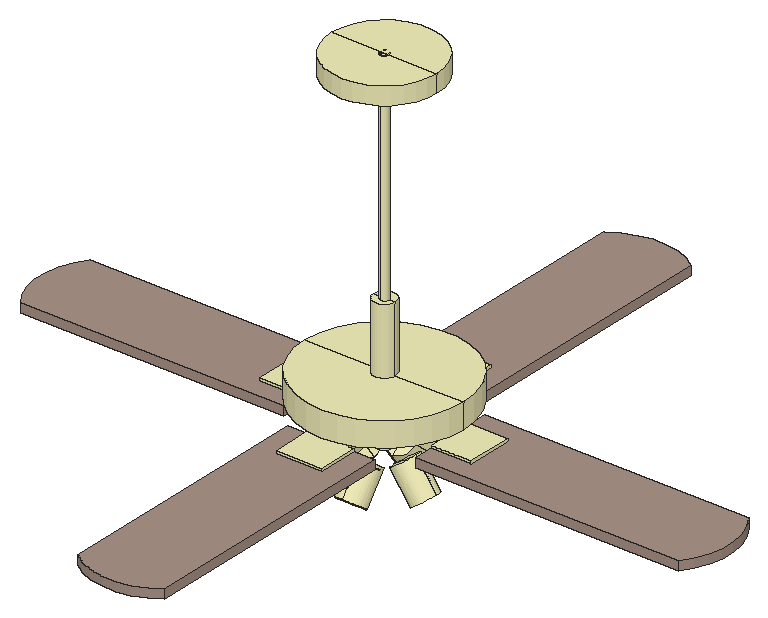
Revit family
Parameters (values of type "100 watt Incandescant")
  Wattage = 12.1178 W
  built-in parameter 1150110 = 1 (stored number, unit not read)
  built-in parameter 1114217 = 1 (stored number, unit not read)
  built-in parameter 1150109 = 1 (stored number, unit not read)
  built-in parameter 1150134 = 3
  built-in parameter 1150113 = 1 (stored number, unit not read)
  built-in parameter 1150105 = 143.24 (stored number, unit not read)
  built-in parameter 1150115 = 1 (stored number, unit not read)
  Light Source Symbol Size = 609.6 mm
  built-in parameter 1150137 = (empty or 0)
  built-in parameter 1150139 = (empty or 0)
  built-in parameter 1150112 = 1 (stored number, unit not read)
  built-in parameter 1150114 = 1 (stored number, unit not read)
  Keynote = "V"
  built-in parameter 1150132 = 2
  built-in parameter 1150102 = (empty or 0)
  built-in parameter 1150107 = 3200 (stored number, unit not read)
  built-in parameter 1150138 = (empty or 0)
  built-in parameter 1150106 = 1.4324 (stored number, unit not read)
  built-in parameter 1150104 = 13.8 (stored number, unit not read)
  Dimming Lamp Color Temperature Shift = (empty or 0)
  Color Filter = 16777215
  built-in parameter 1114218 = 1 (stored number, unit not read)
  built-in parameter 1150133 = 10 (stored number, unit not read)
  Assembly Code = "D5020220"
  Material Ceiling Mount = Metal - Brass
  Drop From Ceiling = 600 mm
  Material Fitting = Metal - Brass
  Material Glass = Glass - Frosted
  Lumens = 1800 lm
  Material Paddles = Wood - Walnut
  Type Comments = ""
  Wattage Comments = "100"
Types (3, lengths in mm): name | Wattage | built-in parameter 1150105 | built-in parameter 1150106 | Material Ceiling Mount | Drop From Ceiling | Material Fitting | Lumens | Wattage Comments
  (no name) | 12.1178 W | 143.24 (stored number, unit not read) | 1.4324 (stored number, unit not read) | Metal - Brass | 600 | Metal - Brass | 1800 lm | "100"
  100 watt Incandescant | 12.1178 W | 143.24 (stored number, unit not read) | 1.4324 (stored number, unit not read) | Metal - Brass | 600 | Metal - Brass | 1800 lm | "100"
  150 watt Incandescant | 18.1767 W | 214.86 (stored number, unit not read) | 2.1486 (stored number, unit not read) | Metal - Chrome | 450 | Metal - Chrome | 2700 lm | "150"
Reference planes
  plane 1 "Light Axis": y = 0
  plane 2 "Ceiling": z = 2438.4
  plane 3 "Light Axis": x = 0
  plane 4 "Bottom": z = 1838.4
  plane 5: z = 1974.925
  plane 6: z = 1962.225
  plane 7: z = 1978.1
  plane 8: z = 1959.05
  plane 9 "Light Source Elevation": z = 1533.6
  plane 10: through (0, 893.158, 648.917) normal (0, -0.809, -0.5878)
Forms (mm)
  Revolve 1, solid, material "Metal - Brass" <- "Material Ceiling Mount"
    sketch origin (0, 0, 0) x (1, 0, 0) y (0, 0, 1)
      loop
        line (0, 2438.4) -> (-76.2, 2438.4) -> (-76.2, 2413) -> (0, 2377.467) -> (0, 2438.4)
      axis (0, 2438.4) -> (0, 2377.467)
    angle from 0 to 360
  Extrusion 2, solid, material "Metal - Brass" <- "Material Ceiling Mount"
    sketch origin (0, 0, 1838.4) x (0, -1, 0) y (1, 0, 0)
      loop
        circle (0, 0) r 6.35
    from 123.825 to 600
  Extrusion 3, solid, material "Wood - Walnut" <- "Material Paddles"
    sketch origin (0, 0, 1841.5) x (0, 1, 0) y (1, 0, 0)
      loop
        line (95.325, -63.069) -> (476.25, -63.069)
        arc (476.25, -63.069) -> (498.195, 0) -> (476.25, 63.069) r 101.6
        line (476.25, 63.069) -> (95.325, 63.069) -> (95.325, -63.069)
    from -120.725 to -133.425
  Extrusion 4, solid, material "Wood - Walnut" <- "Material Paddles"
    sketch origin (0, 0, 1841.5) x (-1, 0, 0) y (0, 1, 0)
      loop
        line (95.325, -63.069) -> (476.25, -63.069)
        arc (476.25, -63.069) -> (498.195, 0) -> (476.25, 63.069) r 101.6
        line (476.25, 63.069) -> (95.325, 63.069) -> (95.325, -63.069)
    from -120.725 to -133.425
  Extrusion 5, solid, material "Wood - Walnut" <- "Material Paddles"
    sketch origin (0, 0, 1841.5) x (0, -1, 0) y (-1, 0, 0)
      loop
        line (95.325, -63.069) -> (476.25, -63.069)
        arc (476.25, -63.069) -> (498.195, 0) -> (476.25, 63.069) r 101.6
        line (476.25, 63.069) -> (95.325, 63.069) -> (95.325, -63.069)
    from -120.725 to -133.425
  Extrusion 6, solid, material "Wood - Walnut" <- "Material Paddles"
    sketch origin (0, 0, 1841.5) x (1, 0, 0) y (0, -1, 0)
      loop
        line (95.325, -63.069) -> (476.25, -63.069)
        arc (476.25, -63.069) -> (498.195, 0) -> (476.25, 63.069) r 101.6
        line (476.25, 63.069) -> (95.325, 63.069) -> (95.325, -63.069)
    from -120.725 to -133.425
  Revolve 7, solid, material "Metal - Brass" <- "Material Ceiling Mount"
    sketch origin (0, 0, 0) x (0, 0, -1) y (1, 0, 0)
      loop
        line (-2120.975, 0) -> (-2120.975, -15.875) -> (-2025.916, -15.875) -> (-2025.916, -114.573) -> (-1990.205, -114.573) -> (-1984.711, -57.287) -> (-1984.711, 0) -> (-2120.975, 0)
      axis (-2120.975, 0) -> (-1984.711, 0)
    angle from 0 to 360
  Extrusion 8, solid, material "Metal - Brass" <- "Material Ceiling Mount"
    sketch origin (0, 0, 1838.4) x (0, -1, 0) y (1, 0, 0)
      loop
        line (-95.325, -33.786) -> (-95.325, -24.131) -> (-6.642, -4.663)
        arc (-6.642, -4.663) -> (-7.704, -0.077) -> (-6.654, 4.513) r 10.494
        line (-6.654, 4.513) -> (-95.325, 25.4) -> (-95.325, 31.579) -> (-152.869, 31.579) -> (-152.869, -33.786) -> (-95.325, -33.786)
      loop
        line (95.325, -33.786) -> (152.869, -33.786) -> (152.869, 31.579) -> (95.325, 31.579) -> (95.325, 25.4) -> (6.684, 4.451)
        arc (6.684, 4.451) -> (7.704, 0) -> (6.737, -4.463) r 10.494
        line (6.737, -4.463) -> (95.325, -24.131) -> (95.325, -33.786)
      loop
        line (33.786, 95.325) -> (33.786, 152.869) -> (-31.579, 152.869) -> (-31.579, 95.325) -> (-25.4, 95.325) -> (-4.451, 6.684)
        arc (-4.451, 6.684) -> (0, 7.704) -> (4.463, 6.737) r 10.494
        line (4.463, 6.737) -> (24.131, 95.325) -> (33.786, 95.325)
      loop
        line (33.786, -95.325) -> (24.131, -95.325) -> (4.663, -6.642)
        arc (4.663, -6.642) -> (0.077, -7.704) -> (-4.513, -6.654) r 10.494
        line (-4.513, -6.654) -> (-25.4, -95.325) -> (-31.579, -95.325) -> (-31.579, -152.869) -> (33.786, -152.869) -> (33.786, -95.325)
    from 120.65 to 139.7
  Extrusion 9, solid, material "Metal - Brass" <- "Material Ceiling Mount"
    sketch origin (0, 0, 1838.4) x (0, -1, 0) y (1, 0, 0)
      loop
        circle (0, 0) r 11.148
    from 91.612 to 120.65
  Revolve 10, solid, material "Metal - Brass" <- "Material Ceiling Mount"
    sketch origin (0, 0, 88.9) x (0, 0, -1) y (1, 0, 0)
      loop
        line (-1833.034, -30.28) -> (-1844.523, -46.093) -> (-1803.425, -75.953) -> (-1801.559, -73.384) -> (-1839.654, -45.707) -> (-1830.03, -32.461) -> (-1833.034, -30.28)
      axis (-1833.034, -30.28) -> (-1791.935, -60.139)
    angle from 0 to 360
  Revolve 11, solid, material "Metal - Brass" <- "Material Ceiling Mount"
    sketch origin (0, 0, 88.9) x (0, 0, -1) y (1, 0, 0)
      loop
        line (-1833.034, 30.28) -> (-1830.03, 32.461) -> (-1839.654, 45.707) -> (-1801.559, 73.384) -> (-1803.425, 75.953) -> (-1844.523, 46.093) -> (-1833.034, 30.28)
      axis (-1833.034, 30.28) -> (-1791.935, 60.139)
    angle from 0 to 360
  Revolve 12, solid, material "Metal - Brass" <- "Material Ceiling Mount"
    sketch origin (0, 0, 88.9) x (0, 0, -1) y (0, 1, 0)
      loop
        line (-1833.034, -30.28) -> (-1844.523, -46.093) -> (-1803.425, -75.953) -> (-1801.559, -73.384) -> (-1839.654, -45.707) -> (-1830.03, -32.461) -> (-1833.034, -30.28)
      axis (-1833.034, -30.28) -> (-1791.935, -60.139)
    angle from 0 to 360
  Revolve 13, solid, material "Metal - Brass" <- "Material Ceiling Mount"
    sketch origin (0, 0, 88.9) x (0, 0, -1) y (0, 1, 0)
      loop
        line (-1833.034, 30.28) -> (-1830.03, 32.461) -> (-1839.654, 45.707) -> (-1801.559, 73.384) -> (-1803.425, 75.953) -> (-1844.523, 46.093) -> (-1833.034, 30.28)
      axis (-1833.034, 30.28) -> (-1791.935, 60.139)
    angle from 0 to 360
Lines and regions (mm)
  sketch lines
    curve 1: line (-1524, 1524, 0) -> (1524, 1524, 0)
    curve 2: line (-1524, 1524, 0) -> (-1524, -1524, 0)
    curve 3: line (-1524, -1524, 0) -> (1524, -1524, 0)
    curve 4: line (1524, 1524, 0) -> (1524, -1524, 0)
Dimensions and locks
  equal spacing: curve 2, plane 3 "Light Axis", curve 4
  equal spacing: curve 3, plane 1 "Light Axis", curve 1
  curve 2 to curve 4 = 3048 mm
  curve 3 to curve 1 = 3048 mm
  locked: plane 5 to plane 6 at 12.7
  locked: plane 7 to plane 5 at 3.175
  locked: plane 6 to plane 8 at 3.175
  "Drop From Ceiling": plane 2 "Ceiling" to plane 4 "Bottom"
  locked: plane 4 "Bottom" to plane 9 "Light Source Elevation" at 304.8
  locked: plane 6 to plane 4 "Bottom" at 123.825
  aligned and locked: plane 2 "Ceiling" to Extrusion 2
  aligned and locked: Extrusion 3 to plane 6
  aligned and locked: plane 5 to Extrusion 3
  aligned and locked: Extrusion 6 to plane 6
  aligned and locked: plane 5 to Extrusion 6
  aligned and locked: Extrusion 4 to plane 6
  aligned and locked: plane 5 to Extrusion 4
  aligned and locked: Extrusion 5 to plane 6
  aligned and locked: plane 5 to Extrusion 5
  aligned and locked: Extrusion 5 to Extrusion 2
  aligned and locked: Extrusion 5 to Extrusion 3
  aligned and locked: plane 8 to Extrusion 8
  aligned and locked: Extrusion 8 to plane 7
  aligned and locked: Extrusion 9 to Extrusion 8
  aligned and locked: plane 2 "Ceiling" to host ceiling
  aligned and locked: plane 3 "Light Axis" to imposter light
  aligned and locked: plane 1 "Light Axis" to imposter light
  aligned and locked: plane 9 "Light Source Elevation" to imposter light
Automatic sketch dimensions
  Revolve 1 sketch curve to plane 2 "Ceiling" = 0 mm
  Revolve 1 sketch curve to plane 3 "Light Axis" = 0 mm  (x2)
  Revolve 1 sketch curve to plane 2 "Ceiling" = 25.4 mm
  Revolve 1 sketch curve to plane 3 "Light Axis" = 76.2 mm
  Revolve 1 sketch curve to plane 2 "Ceiling" = 60.933 mm
  Revolve 1 sketch curve to Revolve 1 sketch curve = 66.067 mm
  plane 2 "Ceiling" to Revolve 1 sketch curve = 76.2 mm
  Extrusion 2 sketch curve to plane 3 "Light Axis" = 0 mm
  Extrusion 2 sketch curve to plane 1 "Light Axis" = 0 mm
  Extrusion 2 sketch curve to plane 1 "Light Axis" = 6.35 mm
  Revolve 7 sketch curve to plane 3 "Light Axis" = 0 mm  (x2)
  plane 5 to Revolve 7 sketch curve = 167.053 mm
  Revolve 7 sketch curve to Revolve 7 sketch curve = 21.003 mm
  plane 5 to Revolve 7 sketch curve = 50.991 mm
  plane 5 to Revolve 7 sketch curve = 15.28 mm
  plane 5 to Revolve 7 sketch curve = 9.786 mm
  plane 4 "Bottom" to Revolve 7 sketch curve = 33.15 mm
  Revolve 7 sketch curve to plane 3 "Light Axis" = 15.875 mm
  Revolve 7 sketch curve to plane 3 "Light Axis" = 57.287 mm
  Revolve 7 sketch curve to Revolve 7 sketch curve = 57.287 mm
  Extrusion 3 sketch curve to plane 3 "Light Axis" = 0 mm
  Extrusion 3 sketch curve to plane 1 "Light Axis" = 95.325 mm
  Extrusion 3 sketch curve to Extrusion 3 sketch curve = 301.271 mm
  plane 3 "Light Axis" to Extrusion 3 sketch curve = 63.069 mm
  Extrusion 3 sketch curve to Extrusion 3 sketch curve = 79.655 mm  (x2)
  Extrusion 6 sketch curve to plane 1 "Light Axis" = 0 mm
  plane 3 "Light Axis" to Extrusion 6 sketch curve = 95.325 mm
  Extrusion 6 sketch curve to Extrusion 6 sketch curve = 301.271 mm
  plane 1 "Light Axis" to Extrusion 6 sketch curve = 63.069 mm
  Extrusion 6 sketch curve to Extrusion 6 sketch curve = 79.655 mm
  Extrusion 6 sketch curve to plane 1 "Light Axis" = 63.069 mm
  Extrusion 5 sketch curve to plane 3 "Light Axis" = 0 mm
  plane 1 "Light Axis" to Extrusion 5 sketch curve = 95.325 mm
  Extrusion 5 sketch curve to Extrusion 5 sketch curve = 301.271 mm
  plane 3 "Light Axis" to Extrusion 5 sketch curve = 63.069 mm
  Extrusion 5 sketch curve to Extrusion 5 sketch curve = 79.655 mm  (x2)
  Extrusion 4 sketch curve to plane 1 "Light Axis" = 0 mm
  Extrusion 4 sketch curve to plane 3 "Light Axis" = 95.325 mm
  Extrusion 4 sketch curve to Extrusion 4 sketch curve = 301.271 mm
  plane 1 "Light Axis" to Extrusion 4 sketch curve = 63.069 mm
  Extrusion 4 sketch curve to Extrusion 4 sketch curve = 79.655 mm
  Extrusion 4 sketch curve to plane 1 "Light Axis" = 63.069 mm
  Extrusion 8 sketch curve to plane 3 "Light Axis" = 33.786 mm
  Extrusion 8 sketch curve to plane 1 "Light Axis" = 152.869 mm
  Extrusion 8 sketch curve to Extrusion 8 sketch curve = 57.544 mm  (x4)
  Extrusion 8 sketch curve to Extrusion 8 sketch curve = 0 mm  (x4)
  Extrusion 8 sketch curve to plane 1 "Light Axis" = 31.579 mm  (x2)
  Extrusion 8 sketch curve to Extrusion 8 sketch curve = 6.179 mm  (x3)
  Extrusion 8 sketch curve to plane 1 "Light Axis" = 6.642 mm
  Extrusion 8 sketch curve to plane 3 "Light Axis" = 0.063 mm  (x2)
  Extrusion 8 sketch curve to plane 1 "Light Axis" = 2.79 mm
  plane 1 "Light Axis" to Extrusion 8 sketch curve = 0.063 mm  (x2)
  plane 1 "Light Axis" to Extrusion 8 sketch curve = 2.79 mm
  plane 1 "Light Axis" to Extrusion 8 sketch curve = 4.463 mm
  plane 3 "Light Axis" to Extrusion 8 sketch curve = 4.451 mm
  Extrusion 8 sketch curve to Extrusion 8 sketch curve = 2.221 mm
  Extrusion 8 sketch curve to plane 3 "Light Axis" = 4.463 mm
  plane 1 "Light Axis" to Extrusion 8 sketch curve = 24.131 mm  (x2)
  plane 1 "Light Axis" to Extrusion 8 sketch curve = 33.786 mm
  Extrusion 8 sketch curve to Extrusion 8 sketch curve = 9.655 mm  (x3)
  Extrusion 8 sketch curve to plane 3 "Light Axis" = 24.131 mm
  Extrusion 8 sketch curve to Extrusion 8 sketch curve = 88.588 mm
  plane 3 "Light Axis" to Extrusion 8 sketch curve = 25.4 mm  (x2)
  Extrusion 8 sketch curve to Extrusion 8 sketch curve = 61.539 mm
  Extrusion 8 sketch curve to plane 3 "Light Axis" = 2.79 mm
  plane 3 "Light Axis" to Extrusion 8 sketch curve = 31.579 mm
  Extrusion 8 sketch curve to Extrusion 8 sketch curve = 88.641 mm
  Extrusion 8 sketch curve to Extrusion 8 sketch curve = 3.865 mm  (x2)
  Extrusion 8 sketch curve to Extrusion 8 sketch curve = 2.204 mm
  Extrusion 8 sketch curve to Extrusion 8 sketch curve = 2.129 mm
  Extrusion 8 sketch curve to Extrusion 8 sketch curve = 1.991 mm
  Extrusion 8 sketch curve to Extrusion 8 sketch curve = 2.074 mm
  Extrusion 8 sketch curve to Extrusion 8 sketch curve = 2.179 mm
  Extrusion 8 sketch curve to Extrusion 8 sketch curve = 2.172 mm
  Extrusion 9 sketch curve to plane 3 "Light Axis" = 0 mm
  Extrusion 9 sketch curve to plane 1 "Light Axis" = 0 mm
  Extrusion 9 sketch curve to plane 1 "Light Axis" = 11.148 mm
  plane 8 to Revolve 10 sketch curve = 25.627 mm
  Revolve 10 sketch curve to Revolve 10 sketch curve = 4.869 mm
  Revolve 10 sketch curve to Revolve 10 sketch curve = 6.62 mm
  Revolve 10 sketch curve to Revolve 10 sketch curve = 3.003 mm
  Revolve 10 sketch curve to Revolve 10 sketch curve = 6.725 mm
  Revolve 10 sketch curve to Revolve 10 sketch curve = 19.881 mm
  Revolve 10 sketch curve to plane 4 "Bottom" = 19.901 mm
  Revolve 10 sketch curve to plane 3 "Light Axis" = 76.511 mm
  Revolve 10 sketch curve to Revolve 10 sketch curve = 0.558 mm
  Revolve 10 sketch curve to Revolve 10 sketch curve = 2.569 mm
  Revolve 10 sketch curve to Revolve 10 sketch curve = 4.886 mm
  plane 8 to Revolve 11 sketch curve = 25.627 mm
  Revolve 11 sketch curve to Revolve 11 sketch curve = 4.869 mm
  Revolve 11 sketch curve to Revolve 11 sketch curve = 6.62 mm
  Revolve 11 sketch curve to Revolve 11 sketch curve = 3.003 mm
  Revolve 11 sketch curve to Revolve 11 sketch curve = 6.725 mm
  Revolve 11 sketch curve to Revolve 11 sketch curve = 19.881 mm
  Revolve 11 sketch curve to plane 4 "Bottom" = 19.901 mm
  plane 3 "Light Axis" to Revolve 11 sketch curve = 30.28 mm
  Revolve 11 sketch curve to Revolve 11 sketch curve = 2.182 mm
  Revolve 11 sketch curve to Revolve 11 sketch curve = 4.886 mm
  Revolve 11 sketch curve to Revolve 11 sketch curve = 3.127 mm
  Revolve 12 sketch curve to Revolve 12 sketch curve = 4.869 mm
  Revolve 12 sketch curve to Revolve 12 sketch curve = 6.62 mm
  Revolve 12 sketch curve to Revolve 12 sketch curve = 3.003 mm
  Revolve 12 sketch curve to Revolve 12 sketch curve = 6.725 mm
  Revolve 12 sketch curve to Revolve 12 sketch curve = 19.881 mm
  Revolve 12 sketch curve to Revolve 12 sketch curve = 0.558 mm
  Revolve 12 sketch curve to Revolve 12 sketch curve = 2.569 mm
  Revolve 12 sketch curve to Revolve 12 sketch curve = 4.886 mm
  Revolve 13 sketch curve to Revolve 13 sketch curve = 4.869 mm
  Revolve 13 sketch curve to Revolve 13 sketch curve = 6.62 mm
  Revolve 13 sketch curve to Revolve 13 sketch curve = 3.003 mm
  Revolve 13 sketch curve to Revolve 13 sketch curve = 6.725 mm
  Revolve 13 sketch curve to Revolve 13 sketch curve = 19.881 mm
  Revolve 13 sketch curve to Revolve 13 sketch curve = 2.182 mm
  Revolve 13 sketch curve to Revolve 13 sketch curve = 4.886 mm
  Revolve 13 sketch curve to Revolve 13 sketch curve = 3.127 mm
  plane 8 to Revolve 12 sketch curve = 25.627 mm
  Revolve 12 sketch curve to plane 4 "Bottom" = 19.901 mm
  plane 8 to Revolve 13 sketch curve = 25.627 mm
  Revolve 13 sketch curve to plane 4 "Bottom" = 19.901 mm
